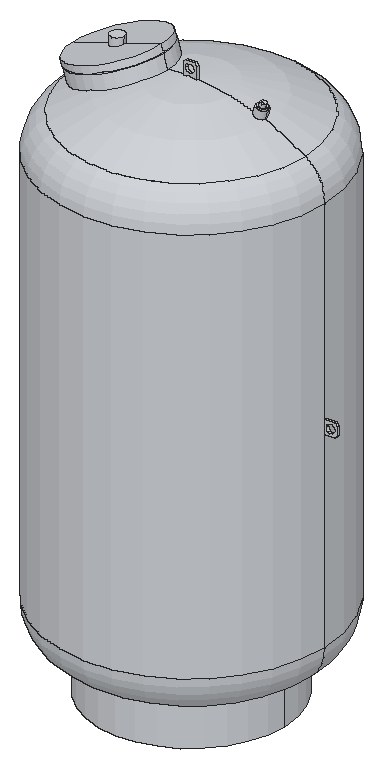
Revit family
Parameters (values of type "5000L 125# W.P.")
  Weight = "2450"
  Tank Volume = "1321 Gallons"
  Tank Only = 119.375"
  Tank Height = 123.188"
  Tank Diameter = "60"
  Pipe Connector Diameter = Pipe Connection Radius * 2  # 2.000"
  Pipe Connection Radius = 1.000"
  Model = "5000L"
  Max Operating Temp = "240 Deg F"
  Max Operating Pressure = "125 PSI"
  Manufacturer = "Amtrol"
  Lifting Ring Location = (Tank Only / 2) + 3.813"  # 63.5005"
  Floor to Bottom of Tank = 3.813"
  Bladder/Diaphragm = "Bladder"
  ASME = yes
Types (6): name | Weight | Max Operating Pressure
  (no name) | "2450" | "125 PSI"
  5000L 125# W.P. | "2450" | "125 PSI"
  5000L 150# W.P. 10 BAR | "4050" | "150 PSI"
  5000L 175# W.P. | "4050" | "175 PSI"
  5000L 250# W.P. | "4200" | "250 PSI"
  5000L 300# W.P. | "4410" | "300 PSI"
Reference planes (in)
  plane 1 "Center (Front/Back)": y = 0
  plane 2: z = 0
  plane 3 "Center (Left/Right)": x = 0
  plane 4: through (-0.27407, -0.71225, 48) normal (0.4226, 0.9063, 0)
Forms (in)
  Revolve 1, solid
    sketch origin (10.87609, 0, 40.12083) x (1, 0, 0) y (0, 0, 1)
      loop
        line (4.64715, 80.74792) -> (5.8746, 80.41902) -> (6.32015, 82.08183) -> (6.07867, 82.14654) -> (6.1514, 82.41796) -> (5.77662, 82.51839) -> (5.97073, 83.24283) -> (5.35955, 83.4066) -> (4.64715, 80.74792)
      axis (4.64715, 80.74792) -> (5.35955, 83.4066)
    angle from 0 to 360
  Sweep 2, solid
    path origin (-11.2424, 0, 40.88602) x (1, 0, 0) y (0, 0, 1)
      loop
        line (-5.27301, 81.80124) -> (-5.27301, 84.891)
    profile origin (-16.51542, 0, 124.23214) x (-1, 0, 0) y (0, -1, 0)
      loop
        circle (0, 0) r 1.5
  Revolve 3, solid
    sketch origin (0, 0, 0) x (1, 0, 0) y (0, 0, 1)
      loop
        line (-21, 0) -> (-20.75, 0) -> (-20.75, 9.13591) -> (-21, 9.13591) -> (-21, 0)
      axis (0, 0) -> (0, 9.13591)
    angle from 0 to 360
  Extrusion 4, solid
    sketch origin (12.04367, 0, -0.08679) x (1, 0, 0) y (0, 0, 1)
      loop
        line (17.69188, 65.08686) -> (17.69188, 62.08686) -> (20.44188, 62.08686) -> (20.94188, 62.58686) -> (20.94188, 64.58686) -> (20.44188, 65.08686) -> (17.69188, 65.08686)
      loop
        circle (19.49957, 63.58729) r 1
    from -0.23956 to 0.25
  Extrusion 5, solid
    sketch origin (0.6419, 0, 20.7172) x (1, 0, 0) y (0, 0, 1)
      loop
        line (-2.12761, 102.29891) -> (0.8566, 102.29891) -> (0.8566, 105.0048) -> (0.3566, 105.5048) -> (-1.67172, 105.5048) -> (-2.12761, 105.04891) -> (-2.12761, 102.29891)
      loop
        circle (-0.6434, 104.0048) r 1
    from -0.23956 to 0.25
  Revolve 6, solid
    sketch origin (-1.68555, 0, -0.26784) x (1, 0, 0) y (0, 0, 1)
      loop
        line (-23.64005, 7.84152) -> (-23.17151, 7.48845) -> (-22.66662, 8.15847) -> (-22.33869, 7.91136) -> (-22.16192, 8.08814) -> (-21.91821, 7.90449) -> (-20.8643, 9.30308) -> (-21.93226, 10.10784) -> (-23.64005, 7.84152)
      axis (-23.64005, 7.84152) -> (-21.93226, 10.10784)
    angle from 0 to 360
  Revolve 7, solid
    sketch origin (0, 0, 0) x (1, 0, 0) y (0, 0, 1)
      loop
        line (0, 123.188) -> (0, 3.813)
        arc (0, 3.813) -> (13.34562, 5.69002) -> (25.65551, 11.17596) r 48.375
        arc (25.65551, 11.17596) -> (28.84131, 14.53551) -> (30, 19.01806) r 9.25
        line (30, 19.01806) -> (30, 108.09652)
        arc (30, 108.09652) -> (28.82899, 112.60122) -> (25.61246, 115.96538) r 9.25
        arc (25.61246, 115.96538) -> (13.31264, 121.37252) -> (0, 123.188) r 48.375
      axis (0, 3.813) -> (0, 123.188)
    angle from 0 to 360
  Revolve 8, solid
    sketch origin (0, 0, 0) x (1, 0, 0) y (0, 0, 1)
      loop
        line (-16.51771, 124.00609) -> (-15.04944, 119.4872) -> (-5.21269, 122.68335) -> (-6.13974, 125.53652) -> (-7.03141, 125.2468) -> (-7.10867, 125.48456) -> (-6.21699, 125.77428) -> (-6.68097, 127.20225) -> (-16.51771, 124.00609)
      axis (-15.04944, 119.4872) -> (-16.51771, 124.00609)
    angle from 0 to 360
Dimensions and locks (in)
  locked: Revolve 1 sketch curve to Revolve 1 sketch curve at 1.72147
  locked: Revolve 1 sketch curve to Revolve 1 sketch curve at 2.00247
  locked: Revolve 1 sketch curve to Revolve 1 sketch curve at 2.75247
  locked: Extrusion 4 sketch curve to Extrusion 4 sketch curve at 3
  Extrusion 4 sketch curve to Extrusion 4 sketch curve = 3.250"
  "Lifting Ring Location": Extrusion 4 sketch curve to level
  Extrusion 4 sketch curve to Extrusion 4 sketch curve = 0.80768"
  plane 3 "Center (Left/Right)" to Sweep 2 sketch curve = 16.51542"
  Revolve 6 sketch curve to Revolve 6 sketch curve = 1.75122"
  locked: Revolve 6 sketch curve to Revolve 6 sketch curve at 1.99879
  locked: Revolve 6 sketch curve to Revolve 6 sketch curve at 2.83774
  Extrusion 5 sketch curve to Extrusion 5 sketch curve = 3.20589"
  Extrusion 5 sketch curve to Extrusion 5 sketch curve = 2.98421"
  Revolve 7 sketch curve to Revolve 7 sketch curve = 30.000"
  locked: Revolve 7 sketch curve to Revolve 7 sketch curve at 39.125
  "Floor to Bottom of Tank": Revolve 7 sketch curve to Revolve 3
  "Tank Only": Revolve 7 sketch curve to Revolve 7 sketch curve
  locked: Revolve 8 sketch curve to Revolve 8 sketch curve at 4.75145  (x2)
  locked: Revolve 8 sketch curve to Revolve 8 sketch curve at 3
  radius of Extrusion 4 sketch curve = 1.000"
  radius of Revolve 7 sketch curve = 48.375"
  radius of Revolve 7 sketch curve = 9.250"
  aligned and locked: Revolve 1 sketch curve to Revolve 1 sketch curve
  aligned and locked: Revolve 3 sketch curve to level
  aligned and locked: level to Revolve 3 sketch curve
  aligned and locked: plane 3 "Center (Left/Right)" to Revolve 3 sketch curve
  aligned: plane 1 "Center (Front/Back)" to Extrusion 4
  aligned and locked: import instance to plane 1 "Center (Front/Back)"
  aligned and locked: Revolve 7 sketch curve to Revolve 3
  aligned and locked: plane 3 "Center (Left/Right)" to Revolve 7 sketch curve
  aligned and locked: Revolve 8 sketch curve to Revolve 8 sketch curve  (x2)
Automatic sketch dimensions
  Revolve 1 sketch curve to Revolve 1 sketch curve = 0.38839"
  Revolve 1 sketch curve to Revolve 1 sketch curve = 0.54353"
  Revolve 1 sketch curve to Revolve 1 sketch curve = 0.62319"
  Revolve 1 sketch curve to Revolve 1 sketch curve = 0.24148"
  Sweep 2 sketch curve to Sweep 2 sketch curve = 3.08976"
  plane 1 "Center (Front/Back)" to Sweep 2 sketch curve = 0.000"
  Sweep 2 sketch curve to profile plane = 0.000"
  plane 3 "Center (Left/Right)" to Revolve 1 sketch curve = 15.13486"
  Revolve 1 sketch curve to Revolve 1 sketch curve = 0.41707"
  plane 3 "Center (Left/Right)" to Extrusion 4 sketch curve = 29.73555"
  Extrusion 4 sketch curve to Extrusion 4 sketch curve = 0.94232"
  Extrusion 4 sketch curve to Extrusion 4 sketch curve = 0.500"  (x3)
  Extrusion 4 sketch curve to Extrusion 4 sketch curve = 0.99957"
  Revolve 3 sketch curve to plane 3 "Center (Left/Right)" = 0.000"
  level to Revolve 3 sketch curve = 9.13591"
  Revolve 3 sketch curve to plane 3 "Center (Left/Right)" = 20.750"
  Revolve 3 sketch curve to Revolve 3 sketch curve = 0.250"
  Revolve 3 sketch curve to Revolve 3 sketch curve = 7.98627"
  level to Revolve 6 sketch curve = 7.57367"  (x2)
  Revolve 6 sketch curve to plane 3 "Center (Left/Right)" = 25.3256"
  Revolve 6 sketch curve to Revolve 6 sketch curve = 0.000"
  level to Revolve 6 sketch curve = 7.2206"
  Revolve 6 sketch curve to Revolve 6 sketch curve = 0.46854"
  level to Revolve 6 sketch curve = 7.64352"
  Revolve 6 sketch curve to Revolve 6 sketch curve = 0.17678"
  level to Revolve 6 sketch curve = 7.63665"
  level to Revolve 6 sketch curve = 10.29656"
  Revolve 6 sketch curve to Revolve 6 sketch curve = 0.34404"
  Extrusion 5 sketch curve to plane 3 "Center (Left/Right)" = 1.48571"
  Extrusion 5 sketch curve to Extrusion 5 sketch curve = 0.45589"  (x2)
  Extrusion 5 sketch curve to plane 3 "Center (Left/Right)" = 0.0015"
  plane 3 "Center (Left/Right)" to Extrusion 5 sketch curve = 0.9985"
  Extrusion 5 sketch curve to Extrusion 5 sketch curve = 1.000"
  Extrusion 5 sketch curve to Extrusion 5 sketch curve = 1.04411"
  Revolve 1 sketch curve to Revolve 1 sketch curve = 0.71239"
  level to Revolve 1 sketch curve = 119.41926"
  level to Sweep 2 sketch curve = 122.68727"
  level to Extrusion 5 sketch curve = 123.01612"
  Revolve 7 sketch curve to plane 3 "Center (Left/Right)" = 0.000"
  plane 3 "Center (Left/Right)" to Revolve 7 sketch curve = 0.00101"
  plane 3 "Center (Left/Right)" to Revolve 7 sketch curve = 0.18313"
  Revolve 7 sketch curve to Revolve 7 sketch curve = 9.250"
  Revolve 7 sketch curve to Revolve 7 sketch curve = 4.34449"
  Revolve 7 sketch curve to Revolve 7 sketch curve = 0.000"
  Revolve 7 sketch curve to Revolve 7 sketch curve = 9.812"
  Revolve 8 sketch curve to plane 3 "Center (Left/Right)" = 18.29411"
  Revolve 8 sketch curve to Revolve 8 sketch curve = 1.7764"
  Revolve 8 sketch curve to Revolve 8 sketch curve = 1.46828"
  Revolve 8 sketch curve to plane 3 "Center (Left/Right)" = 7.10867"
  Revolve 8 sketch curve to Revolve 8 sketch curve = 0.07725"  (x2)
  Revolve 8 sketch curve to Revolve 8 sketch curve = 0.4277"
  level to Revolve 8 sketch curve = 119.4872"
  radius of Sweep 2 sketch curve = 1.500"
  radius of Extrusion 5 sketch curve = 1.000"
Connectors (in)
  piping at (-16.51542, 0, 125.77702), driven by "Pipe Connection Radius"
    settings: on Sweep 2, index 1
